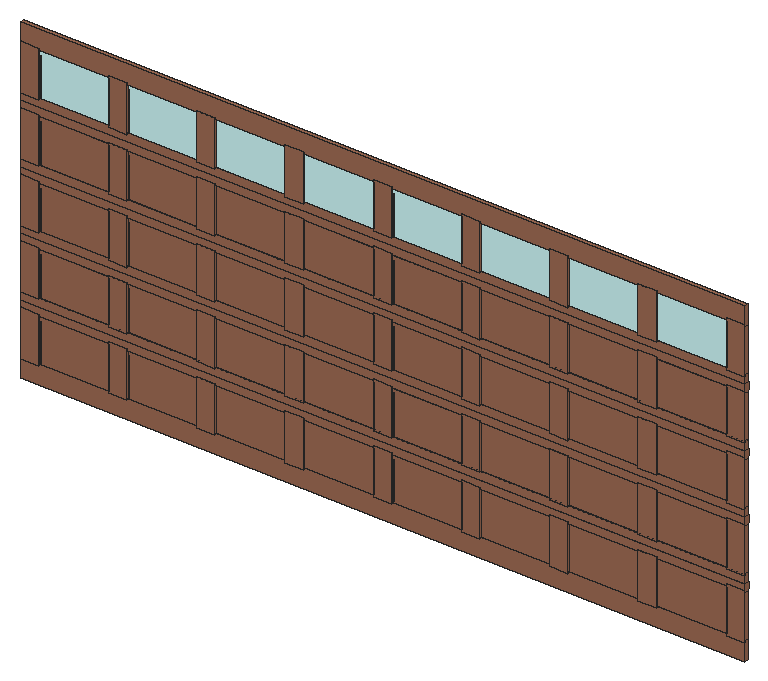
Revit family "GDBL E 40P GT", category Doors, host Wall, Revit 2013
Parameters
  Function = Interior
  Frame Projection Ext. = 25 mm
  Frame Projection Int. = 25 mm
  Frame Width = 75 mm
  Height = 2135 mm
  Wall Closure = By host
  Width = 4880 mm
Reference planes
  plane 1: y = 0
  plane 2 "Center (Left/Right)": x = 0
  plane 3 "Left": x = -2440
  plane 4 "Right": x = 2440
  plane 5: z = 2135
  plane 6 "Exterior": y = 75
  plane 7 "Interior": y = -75
  plane 8 "Garage Bottom": y = 75
  plane 9 "Garage Left": x = 2470
  plane 10 "Garage Right": x = -2470
  plane 11 "Garage Top": z = 2170
  plane 12: z = 476
  plane 13: z = 882
  plane 14: z = 1288
  plane 15: z = 1694
Forms (mm)
  Sweep 1, solid, material "Garage Wood"
    path origin (2744.172, 120, 1694) x (1, 0, 0) y (0, 1, 0)
      loop
        line (-5214.172, -225) -> (-274.172, -225)
    profile "Van Acht 55.5x30 Garage Rail : Van Acht 55.5x30 Garage Rail" origin (0, -105, 1694) x (0, 1, 0) y (0, 0, 1)
      loop
        line (0, 0.046) -> (30, 0.046) -> (30, 46.546) -> (28, 46.546)
        arc (28, 46.546) -> (25.296, 51.527) -> (20, 53.546) r 8.162
        line (20, 53.546) -> (20, 55.546) -> (0, 55.546) -> (0, 0.046)
  Extrusion 2, solid, material "Garage Wood"
    sketch origin (0, 0, 0) x (0, -1, 0) y (0, 0, -1)
      loop
        line (105, -2045) -> (85, -2045) -> (85, -2047)
        arc (85, -2047) -> (79.704, -2049.019) -> (77, -2054) r 8.162
        line (77, -2054) -> (75, -2054) -> (75, -2170) -> (105, -2170) -> (105, -2045)
    from -2470 to 2470
  Sweep 3, solid, material "Garage Wood"
    path origin (2744.172, 120, 1287.954) x (1, 0, 0) y (0, 1, 0)
      loop
        line (-5214.172, -225) -> (-274.172, -225)
    profile "Van Acht 55.5x30 Garage Rail : Van Acht 55.5x30 Garage Rail" origin (0, -105, 1287.954) x (0, 1, 0) y (0, 0, 1)
      loop
        line (0, 0.046) -> (30, 0.046) -> (30, 46.546) -> (28, 46.546)
        arc (28, 46.546) -> (25.296, 51.527) -> (20, 53.546) r 8.162
        line (20, 53.546) -> (20, 55.546) -> (0, 55.546) -> (0, 0.046)
  Extrusion 4, solid, material "Garage Wood"
    sketch origin (0, 0, 0) x (0, -1, 0) y (0, 0, -1)
      loop
        line (105, -1694.046) -> (105, -1638.546) -> (85, -1638.546) -> (85, -1640.546)
        arc (85, -1640.546) -> (79.704, -1642.565) -> (77, -1647.546) r 8.162
        line (77, -1647.546) -> (75, -1647.546) -> (75, -1694.046) -> (105, -1694.046)
    from -2470 to 2470
  Sweep 5, solid, material "Garage Wood"
    path origin (2744.172, 120, 881.954) x (1, 0, 0) y (0, 1, 0)
      loop
        line (-5214.172, -225) -> (-274.172, -225)
    profile "Van Acht 55.5x30 Garage Rail : Van Acht 55.5x30 Garage Rail" origin (0, -105, 881.954) x (0, 1, 0) y (0, 0, 1)
      loop
        line (0, 0.046) -> (30, 0.046) -> (30, 46.546) -> (28, 46.546)
        arc (28, 46.546) -> (25.296, 51.527) -> (20, 53.546) r 8.162
        line (20, 53.546) -> (20, 55.546) -> (0, 55.546) -> (0, 0.046)
  Extrusion 6, solid, material "Garage Wood"
    sketch origin (0, 0, -406) x (0, -1, 0) y (0, 0, -1)
      loop
        line (105, -1694.046) -> (105, -1638.546) -> (85, -1638.546) -> (85, -1640.546)
        arc (85, -1640.546) -> (79.704, -1642.565) -> (77, -1647.546) r 8.162
        line (77, -1647.546) -> (75, -1647.546) -> (75, -1694.046) -> (105, -1694.046)
    from -2470 to 2470
  Sweep 7, solid, material "Garage Wood"
    path origin (2744.172, 120, 475.954) x (1, 0, 0) y (0, 1, 0)
      loop
        line (-5214.172, -225) -> (-274.172, -225)
    profile "Van Acht 55.5x30 Garage Rail : Van Acht 55.5x30 Garage Rail" origin (0, -105, 475.954) x (0, 1, 0) y (0, 0, 1)
      loop
        line (0, 0.046) -> (30, 0.046) -> (30, 46.546) -> (28, 46.546)
        arc (28, 46.546) -> (25.296, 51.527) -> (20, 53.546) r 8.162
        line (20, 53.546) -> (20, 55.546) -> (0, 55.546) -> (0, 0.046)
  Extrusion 8, solid, material "Garage Wood"
    sketch origin (0, 0, -812) x (0, -1, 0) y (0, 0, -1)
      loop
        line (105, -1694.046) -> (105, -1638.546) -> (85, -1638.546) -> (85, -1640.546)
        arc (85, -1640.546) -> (79.704, -1642.565) -> (77, -1647.546) r 8.162
        line (77, -1647.546) -> (75, -1647.546) -> (75, -1694.046) -> (105, -1694.046)
    from -2470 to 2470
  Extrusion 9, solid, material "Garage Wood"
    sketch origin (0, 0, -1218) x (0, -1, 0) y (0, 0, -1)
      loop
        line (105, -1694.046) -> (105, -1638.546) -> (85, -1638.546) -> (85, -1640.546)
        arc (85, -1640.546) -> (79.704, -1642.565) -> (77, -1647.546) r 8.162
        line (77, -1647.546) -> (75, -1647.546) -> (75, -1694.046) -> (105, -1694.046)
    from -2470 to 2470
  Extrusion 10, solid, material "Garage Wood"
    sketch origin (2744.172, 300, 1288) x (0, -1, 0) y (-1, 0, 0)
      loop
        line (385, 5091.172) -> (385, 5089.172) -> (405, 5089.172) -> (405, 5214.172) -> (375, 5214.172) -> (375, 5098.172) -> (377, 5098.172)
        arc (377, 5098.172) -> (379.704, 5093.191) -> (385, 5091.172) r 8.162
      loop
        arc (385, 397.172) -> (379.704, 395.153) -> (377, 390.172) r 8.162
        line (377, 390.172) -> (375, 390.172) -> (375, 274.172) -> (405, 274.172) -> (405, 399.172) -> (385, 399.172) -> (385, 397.172)
      loop
        line (385, 3887.372) -> (385, 3885.372) -> (405, 3885.372) -> (405, 4010.372) -> (385, 4010.372) -> (385, 4008.372)
        arc (385, 4008.372) -> (379.704, 4006.353) -> (377, 4001.372) r 8.162
        line (377, 4001.372) -> (375, 4001.372) -> (375, 3894.372) -> (377, 3894.372)
        arc (377, 3894.372) -> (379.704, 3889.391) -> (385, 3887.372) r 8.162
      loop
        line (385, 2683.672) -> (385, 2681.672) -> (405, 2681.672) -> (405, 2806.672) -> (385, 2806.672) -> (385, 2804.672)
        arc (385, 2804.672) -> (379.704, 2802.653) -> (377, 2797.672) r 8.162
        line (377, 2797.672) -> (375, 2797.672) -> (375, 2690.672) -> (377, 2690.672)
        arc (377, 2690.672) -> (379.704, 2685.691) -> (385, 2683.672) r 8.162
      loop
        arc (385, 1600.972) -> (379.704, 1598.953) -> (377, 1593.972) r 8.162
        line (377, 1593.972) -> (375, 1593.972) -> (375, 1486.972) -> (377, 1486.972)
        arc (377, 1486.972) -> (379.704, 1481.991) -> (385, 1479.972) r 8.162
        line (385, 1479.972) -> (385, 1477.972) -> (405, 1477.972) -> (405, 1602.972) -> (385, 1602.972) -> (385, 1600.972)
      loop
        line (385, 4489.172) -> (385, 4487.172) -> (405, 4487.172) -> (405, 4612.172) -> (385, 4612.172) -> (385, 4610.172)
        arc (385, 4610.172) -> (379.704, 4608.153) -> (377, 4603.172) r 8.162
        line (377, 4603.172) -> (375, 4603.172) -> (375, 4496.172) -> (377, 4496.172)
        arc (377, 4496.172) -> (379.704, 4491.191) -> (385, 4489.172) r 8.162
      loop
        line (385, 3285.372) -> (385, 3283.372) -> (405, 3283.372) -> (405, 3408.372) -> (385, 3408.372) -> (385, 3406.372)
        arc (385, 3406.372) -> (379.704, 3404.353) -> (377, 3399.372) r 8.162
        line (377, 3399.372) -> (375, 3399.372) -> (375, 3292.372) -> (377, 3292.372)
        arc (377, 3292.372) -> (379.704, 3287.391) -> (385, 3285.372) r 8.162
      loop
        line (385, 2081.672) -> (385, 2079.672) -> (405, 2079.672) -> (405, 2204.672) -> (385, 2204.672) -> (385, 2202.672)
        arc (385, 2202.672) -> (379.704, 2200.653) -> (377, 2195.672) r 8.162
        line (377, 2195.672) -> (375, 2195.672) -> (375, 2088.672) -> (377, 2088.672)
        arc (377, 2088.672) -> (379.704, 2083.691) -> (385, 2081.672) r 8.162
      loop
        line (385, 877.972) -> (385, 875.972) -> (405, 875.972) -> (405, 1000.972) -> (385, 1000.972) -> (385, 998.972)
        arc (385, 998.972) -> (379.704, 996.953) -> (377, 991.972) r 8.162
        line (377, 991.972) -> (375, 991.972) -> (375, 884.972) -> (377, 884.972)
        arc (377, 884.972) -> (379.704, 879.991) -> (385, 877.972) r 8.162
    from 46.546 to 360
  Extrusion 11, solid, material "Garage Wood"
    sketch origin (6355.372, -275, 476) x (0, -1, 0) y (-1, 0, 0)
      loop
        line (-175, 4487.172) -> (-185, 4487.172) -> (-185, 4010.372) -> (-175, 4010.372) -> (-175, 4487.172)
      loop
        line (-175, 5089.172) -> (-185, 5089.172) -> (-185, 4612.172) -> (-175, 4612.172) -> (-175, 5089.172)
      loop
        line (-175, 5690.872) -> (-185, 5690.872) -> (-185, 5214.072) -> (-175, 5214.072) -> (-175, 5690.872)
      loop
        line (-175, 6292.872) -> (-185, 6292.872) -> (-185, 5815.872) -> (-175, 5815.872) -> (-175, 6292.872)
      loop
        line (-175, 6894.572) -> (-185, 6894.572) -> (-185, 6417.772) -> (-175, 6417.772) -> (-175, 6894.572)
      loop
        line (-175, 7496.572) -> (-185, 7496.572) -> (-185, 7019.572) -> (-175, 7019.572) -> (-175, 7496.572)
      loop
        line (-175, 8098.372) -> (-185, 8098.372) -> (-185, 7621.572) -> (-175, 7621.572) -> (-175, 8098.372)
      loop
        line (-175, 8700.372) -> (-185, 8700.372) -> (-185, 8223.372) -> (-175, 8223.372) -> (-175, 8700.372)
    from 55.454 to 351.546
  Extrusion 12, solid, material "Garage Wood"
    sketch origin (0, 0, 2169.454) x (0, -1, 0) y (0, 0, -1)
      loop
        line (105, 2045) -> (105, 2169.454) -> (75, 2169.454) -> (75, 2053.454) -> (77.097, 2053.454)
        arc (77.097, 2053.454) -> (79.86, 2048.739) -> (84.988, 2046.852) r 8.098
        line (84.988, 2046.852) -> (84.988, 2045) -> (105, 2045)
    from -2470 to 2470
  Extrusion 13, solid, material "Garage Wood"
    sketch origin (2744.172, 300, 1694) x (0, -1, 0) y (-1, 0, 0)
      loop
        line (385, 5091.172) -> (385, 5089.172) -> (405, 5089.172) -> (405, 5214.172) -> (375, 5214.172) -> (375, 5098.172) -> (377, 5098.172)
        arc (377, 5098.172) -> (379.704, 5093.191) -> (385, 5091.172) r 8.162
      loop
        arc (385, 397.172) -> (379.704, 395.153) -> (377, 390.172) r 8.162
        line (377, 390.172) -> (375, 390.172) -> (375, 274.172) -> (405, 274.172) -> (405, 399.172) -> (385, 399.172) -> (385, 397.172)
      loop
        line (385, 3887.372) -> (385, 3885.372) -> (405, 3885.372) -> (405, 4010.372) -> (385, 4010.372) -> (385, 4008.372)
        arc (385, 4008.372) -> (379.704, 4006.353) -> (377, 4001.372) r 8.162
        line (377, 4001.372) -> (375, 4001.372) -> (375, 3894.372) -> (377, 3894.372)
        arc (377, 3894.372) -> (379.704, 3889.391) -> (385, 3887.372) r 8.162
      loop
        line (385, 2683.672) -> (385, 2681.672) -> (405, 2681.672) -> (405, 2806.672) -> (385, 2806.672) -> (385, 2804.672)
        arc (385, 2804.672) -> (379.704, 2802.653) -> (377, 2797.672) r 8.162
        line (377, 2797.672) -> (375, 2797.672) -> (375, 2690.672) -> (377, 2690.672)
        arc (377, 2690.672) -> (379.704, 2685.691) -> (385, 2683.672) r 8.162
      loop
        arc (385, 1600.972) -> (379.704, 1598.953) -> (377, 1593.972) r 8.162
        line (377, 1593.972) -> (375, 1593.972) -> (375, 1486.972) -> (377, 1486.972)
        arc (377, 1486.972) -> (379.704, 1481.991) -> (385, 1479.972) r 8.162
        line (385, 1479.972) -> (385, 1477.972) -> (405, 1477.972) -> (405, 1602.972) -> (385, 1602.972) -> (385, 1600.972)
      loop
        line (385, 4489.172) -> (385, 4487.172) -> (405, 4487.172) -> (405, 4612.172) -> (385, 4612.172) -> (385, 4610.172)
        arc (385, 4610.172) -> (379.704, 4608.153) -> (377, 4603.172) r 8.162
        line (377, 4603.172) -> (375, 4603.172) -> (375, 4496.172) -> (377, 4496.172)
        arc (377, 4496.172) -> (379.704, 4491.191) -> (385, 4489.172) r 8.162
      loop
        line (385, 3285.372) -> (385, 3283.372) -> (405, 3283.372) -> (405, 3408.372) -> (385, 3408.372) -> (385, 3406.372)
        arc (385, 3406.372) -> (379.704, 3404.353) -> (377, 3399.372) r 8.162
        line (377, 3399.372) -> (375, 3399.372) -> (375, 3292.372) -> (377, 3292.372)
        arc (377, 3292.372) -> (379.704, 3287.391) -> (385, 3285.372) r 8.162
      loop
        line (385, 2081.672) -> (385, 2079.672) -> (405, 2079.672) -> (405, 2204.672) -> (385, 2204.672) -> (385, 2202.672)
        arc (385, 2202.672) -> (379.704, 2200.653) -> (377, 2195.672) r 8.162
        line (377, 2195.672) -> (375, 2195.672) -> (375, 2088.672) -> (377, 2088.672)
        arc (377, 2088.672) -> (379.704, 2083.691) -> (385, 2081.672) r 8.162
      loop
        line (385, 877.972) -> (385, 875.972) -> (405, 875.972) -> (405, 1000.972) -> (385, 1000.972) -> (385, 998.972)
        arc (385, 998.972) -> (379.704, 996.953) -> (377, 991.972) r 8.162
        line (377, 991.972) -> (375, 991.972) -> (375, 884.972) -> (377, 884.972)
        arc (377, 884.972) -> (379.704, 879.991) -> (385, 877.972) r 8.162
    from 46.546 to 360
  Extrusion 14, solid, material "Garage Wood"
    sketch origin (2744.172, 300, 2100.454) x (0, -1, 0) y (-1, 0, 0)
      loop
        line (385, 5091.172) -> (385, 5089.172) -> (405, 5089.172) -> (405, 5214.172) -> (375, 5214.172) -> (375, 5098.172) -> (377, 5098.172)
        arc (377, 5098.172) -> (379.704, 5093.191) -> (385, 5091.172) r 8.162
      loop
        arc (385, 397.172) -> (379.704, 395.153) -> (377, 390.172) r 8.162
        line (377, 390.172) -> (375, 390.172) -> (375, 274.172) -> (405, 274.172) -> (405, 399.172) -> (385, 399.172) -> (385, 397.172)
      loop
        line (385, 3887.372) -> (385, 3885.372) -> (405, 3885.372) -> (405, 4010.372) -> (385, 4010.372) -> (385, 4008.372)
        arc (385, 4008.372) -> (379.704, 4006.353) -> (377, 4001.372) r 8.162
        line (377, 4001.372) -> (375, 4001.372) -> (375, 3894.372) -> (377, 3894.372)
        arc (377, 3894.372) -> (379.704, 3889.391) -> (385, 3887.372) r 8.162
      loop
        line (385, 2683.672) -> (385, 2681.672) -> (405, 2681.672) -> (405, 2806.672) -> (385, 2806.672) -> (385, 2804.672)
        arc (385, 2804.672) -> (379.704, 2802.653) -> (377, 2797.672) r 8.162
        line (377, 2797.672) -> (375, 2797.672) -> (375, 2690.672) -> (377, 2690.672)
        arc (377, 2690.672) -> (379.704, 2685.691) -> (385, 2683.672) r 8.162
      loop
        arc (385, 1600.972) -> (379.704, 1598.953) -> (377, 1593.972) r 8.162
        line (377, 1593.972) -> (375, 1593.972) -> (375, 1486.972) -> (377, 1486.972)
        arc (377, 1486.972) -> (379.704, 1481.991) -> (385, 1479.972) r 8.162
        line (385, 1479.972) -> (385, 1477.972) -> (405, 1477.972) -> (405, 1602.972) -> (385, 1602.972) -> (385, 1600.972)
      loop
        line (385, 4489.172) -> (385, 4487.172) -> (405, 4487.172) -> (405, 4612.172) -> (385, 4612.172) -> (385, 4610.172)
        arc (385, 4610.172) -> (379.704, 4608.153) -> (377, 4603.172) r 8.162
        line (377, 4603.172) -> (375, 4603.172) -> (375, 4496.172) -> (377, 4496.172)
        arc (377, 4496.172) -> (379.704, 4491.191) -> (385, 4489.172) r 8.162
      loop
        line (385, 3285.372) -> (385, 3283.372) -> (405, 3283.372) -> (405, 3408.372) -> (385, 3408.372) -> (385, 3406.372)
        arc (385, 3406.372) -> (379.704, 3404.353) -> (377, 3399.372) r 8.162
        line (377, 3399.372) -> (375, 3399.372) -> (375, 3292.372) -> (377, 3292.372)
        arc (377, 3292.372) -> (379.704, 3287.391) -> (385, 3285.372) r 8.162
      loop
        line (385, 2081.672) -> (385, 2079.672) -> (405, 2079.672) -> (405, 2204.672) -> (385, 2204.672) -> (385, 2202.672)
        arc (385, 2202.672) -> (379.704, 2200.653) -> (377, 2195.672) r 8.162
        line (377, 2195.672) -> (375, 2195.672) -> (375, 2088.672) -> (377, 2088.672)
        arc (377, 2088.672) -> (379.704, 2083.691) -> (385, 2081.672) r 8.162
      loop
        line (385, 877.972) -> (385, 875.972) -> (405, 875.972) -> (405, 1000.972) -> (385, 1000.972) -> (385, 998.972)
        arc (385, 998.972) -> (379.704, 996.953) -> (377, 991.972) r 8.162
        line (377, 991.972) -> (375, 991.972) -> (375, 884.972) -> (377, 884.972)
        arc (377, 884.972) -> (379.704, 879.991) -> (385, 877.972) r 8.162
    from 46.454 to 359.909
  Extrusion 15, solid, material "Garage Wood"
    sketch origin (2744.172, 300, 882) x (0, -1, 0) y (-1, 0, 0)
      loop
        line (385, 5091.172) -> (385, 5089.172) -> (405, 5089.172) -> (405, 5214.172) -> (375, 5214.172) -> (375, 5098.172) -> (377, 5098.172)
        arc (377, 5098.172) -> (379.704, 5093.191) -> (385, 5091.172) r 8.162
      loop
        arc (385, 397.172) -> (379.704, 395.153) -> (377, 390.172) r 8.162
        line (377, 390.172) -> (375, 390.172) -> (375, 274.172) -> (405, 274.172) -> (405, 399.172) -> (385, 399.172) -> (385, 397.172)
      loop
        line (385, 3887.372) -> (385, 3885.372) -> (405, 3885.372) -> (405, 4010.372) -> (385, 4010.372) -> (385, 4008.372)
        arc (385, 4008.372) -> (379.704, 4006.353) -> (377, 4001.372) r 8.162
        line (377, 4001.372) -> (375, 4001.372) -> (375, 3894.372) -> (377, 3894.372)
        arc (377, 3894.372) -> (379.704, 3889.391) -> (385, 3887.372) r 8.162
      loop
        line (385, 2683.672) -> (385, 2681.672) -> (405, 2681.672) -> (405, 2806.672) -> (385, 2806.672) -> (385, 2804.672)
        arc (385, 2804.672) -> (379.704, 2802.653) -> (377, 2797.672) r 8.162
        line (377, 2797.672) -> (375, 2797.672) -> (375, 2690.672) -> (377, 2690.672)
        arc (377, 2690.672) -> (379.704, 2685.691) -> (385, 2683.672) r 8.162
      loop
        arc (385, 1600.972) -> (379.704, 1598.953) -> (377, 1593.972) r 8.162
        line (377, 1593.972) -> (375, 1593.972) -> (375, 1486.972) -> (377, 1486.972)
        arc (377, 1486.972) -> (379.704, 1481.991) -> (385, 1479.972) r 8.162
        line (385, 1479.972) -> (385, 1477.972) -> (405, 1477.972) -> (405, 1602.972) -> (385, 1602.972) -> (385, 1600.972)
      loop
        line (385, 4489.172) -> (385, 4487.172) -> (405, 4487.172) -> (405, 4612.172) -> (385, 4612.172) -> (385, 4610.172)
        arc (385, 4610.172) -> (379.704, 4608.153) -> (377, 4603.172) r 8.162
        line (377, 4603.172) -> (375, 4603.172) -> (375, 4496.172) -> (377, 4496.172)
        arc (377, 4496.172) -> (379.704, 4491.191) -> (385, 4489.172) r 8.162
      loop
        line (385, 3285.372) -> (385, 3283.372) -> (405, 3283.372) -> (405, 3408.372) -> (385, 3408.372) -> (385, 3406.372)
        arc (385, 3406.372) -> (379.704, 3404.353) -> (377, 3399.372) r 8.162
        line (377, 3399.372) -> (375, 3399.372) -> (375, 3292.372) -> (377, 3292.372)
        arc (377, 3292.372) -> (379.704, 3287.391) -> (385, 3285.372) r 8.162
      loop
        line (385, 2081.672) -> (385, 2079.672) -> (405, 2079.672) -> (405, 2204.672) -> (385, 2204.672) -> (385, 2202.672)
        arc (385, 2202.672) -> (379.704, 2200.653) -> (377, 2195.672) r 8.162
        line (377, 2195.672) -> (375, 2195.672) -> (375, 2088.672) -> (377, 2088.672)
        arc (377, 2088.672) -> (379.704, 2083.691) -> (385, 2081.672) r 8.162
      loop
        line (385, 877.972) -> (385, 875.972) -> (405, 875.972) -> (405, 1000.972) -> (385, 1000.972) -> (385, 998.972)
        arc (385, 998.972) -> (379.704, 996.953) -> (377, 991.972) r 8.162
        line (377, 991.972) -> (375, 991.972) -> (375, 884.972) -> (377, 884.972)
        arc (377, 884.972) -> (379.704, 879.991) -> (385, 877.972) r 8.162
    from 46.546 to 360
  Extrusion 16, solid, material "Garage Wood"
    sketch origin (2744.172, 300, 475.909) x (0, -1, 0) y (-1, 0, 0)
      loop
        line (385, 5091.172) -> (385, 5089.172) -> (405, 5089.172) -> (405, 5214.172) -> (375, 5214.172) -> (375, 5098.172) -> (377, 5098.172)
        arc (377, 5098.172) -> (379.704, 5093.191) -> (385, 5091.172) r 8.162
      loop
        arc (385, 397.172) -> (379.704, 395.153) -> (377, 390.172) r 8.162
        line (377, 390.172) -> (375, 390.172) -> (375, 274.172) -> (405, 274.172) -> (405, 399.172) -> (385, 399.172) -> (385, 397.172)
      loop
        line (385, 3887.372) -> (385, 3885.372) -> (405, 3885.372) -> (405, 4010.372) -> (385, 4010.372) -> (385, 4008.372)
        arc (385, 4008.372) -> (379.704, 4006.353) -> (377, 4001.372) r 8.162
        line (377, 4001.372) -> (375, 4001.372) -> (375, 3894.372) -> (377, 3894.372)
        arc (377, 3894.372) -> (379.704, 3889.391) -> (385, 3887.372) r 8.162
      loop
        line (385, 2683.672) -> (385, 2681.672) -> (405, 2681.672) -> (405, 2806.672) -> (385, 2806.672) -> (385, 2804.672)
        arc (385, 2804.672) -> (379.704, 2802.653) -> (377, 2797.672) r 8.162
        line (377, 2797.672) -> (375, 2797.672) -> (375, 2690.672) -> (377, 2690.672)
        arc (377, 2690.672) -> (379.704, 2685.691) -> (385, 2683.672) r 8.162
      loop
        arc (385, 1600.972) -> (379.704, 1598.953) -> (377, 1593.972) r 8.162
        line (377, 1593.972) -> (375, 1593.972) -> (375, 1486.972) -> (377, 1486.972)
        arc (377, 1486.972) -> (379.704, 1481.991) -> (385, 1479.972) r 8.162
        line (385, 1479.972) -> (385, 1477.972) -> (405, 1477.972) -> (405, 1602.972) -> (385, 1602.972) -> (385, 1600.972)
      loop
        line (385, 4489.172) -> (385, 4487.172) -> (405, 4487.172) -> (405, 4612.172) -> (385, 4612.172) -> (385, 4610.172)
        arc (385, 4610.172) -> (379.704, 4608.153) -> (377, 4603.172) r 8.162
        line (377, 4603.172) -> (375, 4603.172) -> (375, 4496.172) -> (377, 4496.172)
        arc (377, 4496.172) -> (379.704, 4491.191) -> (385, 4489.172) r 8.162
      loop
        line (385, 3285.372) -> (385, 3283.372) -> (405, 3283.372) -> (405, 3408.372) -> (385, 3408.372) -> (385, 3406.372)
        arc (385, 3406.372) -> (379.704, 3404.353) -> (377, 3399.372) r 8.162
        line (377, 3399.372) -> (375, 3399.372) -> (375, 3292.372) -> (377, 3292.372)
        arc (377, 3292.372) -> (379.704, 3287.391) -> (385, 3285.372) r 8.162
      loop
        line (385, 2081.672) -> (385, 2079.672) -> (405, 2079.672) -> (405, 2204.672) -> (385, 2204.672) -> (385, 2202.672)
        arc (385, 2202.672) -> (379.704, 2200.653) -> (377, 2195.672) r 8.162
        line (377, 2195.672) -> (375, 2195.672) -> (375, 2088.672) -> (377, 2088.672)
        arc (377, 2088.672) -> (379.704, 2083.691) -> (385, 2081.672) r 8.162
      loop
        line (385, 877.972) -> (385, 875.972) -> (405, 875.972) -> (405, 1000.972) -> (385, 1000.972) -> (385, 998.972)
        arc (385, 998.972) -> (379.704, 996.953) -> (377, 991.972) r 8.162
        line (377, 991.972) -> (375, 991.972) -> (375, 884.972) -> (377, 884.972)
        arc (377, 884.972) -> (379.704, 879.991) -> (385, 877.972) r 8.162
    from 46.454 to 359.909
  Extrusion 17, solid, material "Garage Wood"
    sketch origin (6355.372, -275, 882) x (0, -1, 0) y (-1, 0, 0)
      loop
        line (-175, 4487.172) -> (-185, 4487.172) -> (-185, 4010.372) -> (-175, 4010.372) -> (-175, 4487.172)
      loop
        line (-175, 5089.172) -> (-185, 5089.172) -> (-185, 4612.172) -> (-175, 4612.172) -> (-175, 5089.172)
      loop
        line (-175, 5690.872) -> (-185, 5690.872) -> (-185, 5214.072) -> (-175, 5214.072) -> (-175, 5690.872)
      loop
        line (-175, 6292.872) -> (-185, 6292.872) -> (-185, 5815.872) -> (-175, 5815.872) -> (-175, 6292.872)
      loop
        line (-175, 6894.572) -> (-185, 6894.572) -> (-185, 6417.772) -> (-175, 6417.772) -> (-175, 6894.572)
      loop
        line (-175, 7496.572) -> (-185, 7496.572) -> (-185, 7019.572) -> (-175, 7019.572) -> (-175, 7496.572)
      loop
        line (-175, 8098.372) -> (-185, 8098.372) -> (-185, 7621.572) -> (-175, 7621.572) -> (-175, 8098.372)
      loop
        line (-175, 8700.372) -> (-185, 8700.372) -> (-185, 8223.372) -> (-175, 8223.372) -> (-175, 8700.372)
    from 55.454 to 351.546
  Extrusion 18, solid, material "Garage Wood"
    sketch origin (6355.372, -275, 1288) x (0, -1, 0) y (-1, 0, 0)
      loop
        line (-175, 4487.172) -> (-185, 4487.172) -> (-185, 4010.372) -> (-175, 4010.372) -> (-175, 4487.172)
      loop
        line (-175, 5089.172) -> (-185, 5089.172) -> (-185, 4612.172) -> (-175, 4612.172) -> (-175, 5089.172)
      loop
        line (-175, 5690.872) -> (-185, 5690.872) -> (-185, 5214.072) -> (-175, 5214.072) -> (-175, 5690.872)
      loop
        line (-175, 6292.872) -> (-185, 6292.872) -> (-185, 5815.872) -> (-175, 5815.872) -> (-175, 6292.872)
      loop
        line (-175, 6894.572) -> (-185, 6894.572) -> (-185, 6417.772) -> (-175, 6417.772) -> (-175, 6894.572)
      loop
        line (-175, 7496.572) -> (-185, 7496.572) -> (-185, 7019.572) -> (-175, 7019.572) -> (-175, 7496.572)
      loop
        line (-175, 8098.372) -> (-185, 8098.372) -> (-185, 7621.572) -> (-175, 7621.572) -> (-175, 8098.372)
      loop
        line (-175, 8700.372) -> (-185, 8700.372) -> (-185, 8223.372) -> (-175, 8223.372) -> (-175, 8700.372)
    from 55.454 to 351.546
  Extrusion 19, solid, material "Garage Wood"
    sketch origin (6355.372, -275, 1694) x (0, -1, 0) y (-1, 0, 0)
      loop
        line (-175, 4487.172) -> (-185, 4487.172) -> (-185, 4010.372) -> (-175, 4010.372) -> (-175, 4487.172)
      loop
        line (-175, 5089.172) -> (-185, 5089.172) -> (-185, 4612.172) -> (-175, 4612.172) -> (-175, 5089.172)
      loop
        line (-175, 5690.872) -> (-185, 5690.872) -> (-185, 5214.072) -> (-175, 5214.072) -> (-175, 5690.872)
      loop
        line (-175, 6292.872) -> (-185, 6292.872) -> (-185, 5815.872) -> (-175, 5815.872) -> (-175, 6292.872)
      loop
        line (-175, 6894.572) -> (-185, 6894.572) -> (-185, 6417.772) -> (-175, 6417.772) -> (-175, 6894.572)
      loop
        line (-175, 7496.572) -> (-185, 7496.572) -> (-185, 7019.572) -> (-175, 7019.572) -> (-175, 7496.572)
      loop
        line (-175, 8098.372) -> (-185, 8098.372) -> (-185, 7621.572) -> (-175, 7621.572) -> (-175, 8098.372)
      loop
        line (-175, 8700.372) -> (-185, 8700.372) -> (-185, 8223.372) -> (-175, 8223.372) -> (-175, 8700.372)
    from 55.454 to 351.546
  Extrusion 20, solid, material "Garage Glass"
    sketch origin (6355.372, -275, 2100.454) x (0, -1, 0) y (-1, 0, 0)
      loop
        line (-175, 4487.172) -> (-185, 4487.172) -> (-185, 4010.372) -> (-175, 4010.372) -> (-175, 4487.172)
      loop
        line (-175, 5089.172) -> (-185, 5089.172) -> (-185, 4612.172) -> (-175, 4612.172) -> (-175, 5089.172)
      loop
        line (-175, 5690.872) -> (-185, 5690.872) -> (-185, 5214.072) -> (-175, 5214.072) -> (-175, 5690.872)
      loop
        line (-175, 6292.872) -> (-185, 6292.872) -> (-185, 5815.872) -> (-175, 5815.872) -> (-175, 6292.872)
      loop
        line (-175, 6894.572) -> (-185, 6894.572) -> (-185, 6417.772) -> (-175, 6417.772) -> (-175, 6894.572)
      loop
        line (-175, 7496.572) -> (-185, 7496.572) -> (-185, 7019.572) -> (-175, 7019.572) -> (-175, 7496.572)
      loop
        line (-175, 8098.372) -> (-185, 8098.372) -> (-185, 7621.572) -> (-175, 7621.572) -> (-175, 8098.372)
      loop
        line (-175, 8700.372) -> (-185, 8700.372) -> (-185, 8223.372) -> (-175, 8223.372) -> (-175, 8700.372)
    from 55.454 to 351.546
Lines and regions (mm)
  Opening 1
    outline origin (-3050, -75, 0) x (1, 0, 0) y (0, 0, 1)
      loop
        line (610, 0) -> (5490, 0) -> (5490, 2135) -> (610, 2135) -> (610, 0)
  symbolic lines, style "Elevation Swing"
    curve 1: line (-2470, -105, 1694) -> (-2470, -2275, 1694)
    curve 2: line (-2470, -2275, 1694) -> (2470, -2275, 1694)
    curve 3: line (2470, -2275, 1694) -> (2470, -105, 1694)
Text (mm)
  text "Exterior" at (-2295.016, 1099.543, 0), in view "Ref. Level"
  text "Exterior" at (0, 1615.38, 3698.081), in view "Left"
  text "Exterior" at (0, 1036.032, 3874.932), in view "Right"
Dimensions and locks
  equal spacing: plane 3 "Left", plane 2 "Center (Left/Right)", plane 4 "Right"
  "Width": plane 3 "Left" to plane 4 "Right"
  "Height": plane 5 to host wall
  host wall to plane 5 = 2135 mm
  host wall to plane 11 "Garage Top" = 2170 mm
  locked: plane 6 "Exterior" to host wall at 0
  locked: plane 7 "Interior" to host wall
  plane 3 "Left" to plane 4 "Right" = 4880 mm
  plane 10 "Garage Right" to plane 9 "Garage Left" = 4940 mm
  plane 11 "Garage Top" to plane 15 to plane 14 to plane 13 to plane 12 to level = 476 mm, 406 mm, 406 mm, 406 mm, 476 mm
  aligned and locked: plane 3 "Left" to Opening 1 sketch curve
  aligned and locked: plane 5 to Opening 1 sketch curve  (x2)
  aligned and locked: Opening 1 sketch curve to plane 4 "Right"
  aligned and locked: Opening 1 sketch curve to level
  aligned and locked: host wall to plane 1
  aligned and locked: Extrusion 11 to Extrusion 12
  aligned and locked: Extrusion 14 to Sweep 1
  aligned and locked: Extrusion 14 to Extrusion 2
  aligned and locked: Extrusion 11 to Extrusion 16
  aligned and locked: Extrusion 15 to Extrusion 11
  aligned and locked: Extrusion 11 to Extrusion 9
  aligned and locked: Extrusion 11 sketch curve to Extrusion 10  (x2)
Automatic sketch dimensions
  Sweep 1 sketch curve to plane 10 "Garage Right" = 0 mm
  Sweep 1 sketch curve to plane 9 "Garage Left" = 0 mm
  plane 7 "Interior" to Sweep 1 sketch curve = 30 mm
  Extrusion 2 sketch curve to host wall = 0 mm
  plane 11 "Garage Top" to Extrusion 2 sketch curve = 0 mm
  Extrusion 2 sketch curve to host wall = 10 mm
  Extrusion 2 sketch curve to plane 5 = 90 mm
  Extrusion 2 sketch curve to Extrusion 2 sketch curve = 2 mm  (x2)
  Extrusion 2 sketch curve to Extrusion 2 sketch curve = 20 mm
  Extrusion 2 sketch curve to Extrusion 2 sketch curve = 8.079 mm
  Extrusion 2 sketch curve to Extrusion 2 sketch curve = 7 mm
  Sweep 3 sketch curve to plane 10 "Garage Right" = 0 mm
  Sweep 3 sketch curve to plane 9 "Garage Left" = 0 mm
  plane 7 "Interior" to Sweep 3 sketch curve = 30 mm
  Extrusion 4 sketch curve to host wall = 0 mm
  Extrusion 4 sketch curve to host wall = 10 mm
  plane 15 to Extrusion 4 sketch curve = 55.454 mm
  Extrusion 4 sketch curve to host wall = 2 mm
  Extrusion 4 sketch curve to plane 15 = 0.046 mm
  Extrusion 4 sketch curve to host wall = 30 mm
  Extrusion 4 sketch curve to Extrusion 4 sketch curve = 0.079 mm
  Extrusion 4 sketch curve to Extrusion 4 sketch curve = 2 mm
  Extrusion 4 sketch curve to Extrusion 4 sketch curve = 7 mm
  Sweep 5 sketch curve to plane 10 "Garage Right" = 0 mm
  Sweep 5 sketch curve to plane 9 "Garage Left" = 0 mm
  plane 7 "Interior" to Sweep 5 sketch curve = 30 mm
  Extrusion 6 sketch curve to host wall = 0 mm
  Extrusion 6 sketch curve to host wall = 10 mm
  plane 14 to Extrusion 6 sketch curve = 55.454 mm
  Extrusion 6 sketch curve to host wall = 2 mm
  Extrusion 6 sketch curve to plane 14 = 0.046 mm
  Extrusion 6 sketch curve to host wall = 30 mm
  Extrusion 6 sketch curve to Extrusion 6 sketch curve = 0.079 mm
  Extrusion 6 sketch curve to Extrusion 6 sketch curve = 2 mm
  Extrusion 6 sketch curve to Extrusion 6 sketch curve = 7 mm
  Sweep 7 sketch curve to plane 10 "Garage Right" = 0 mm
  Sweep 7 sketch curve to plane 9 "Garage Left" = 0 mm
  plane 7 "Interior" to Sweep 7 sketch curve = 30 mm
  Extrusion 8 sketch curve to host wall = 0 mm
  Extrusion 8 sketch curve to host wall = 10 mm
  plane 13 to Extrusion 8 sketch curve = 55.454 mm
  Extrusion 8 sketch curve to host wall = 2 mm
  Extrusion 8 sketch curve to plane 13 = 0.046 mm
  Extrusion 8 sketch curve to host wall = 30 mm
  Extrusion 8 sketch curve to Extrusion 8 sketch curve = 0.079 mm
  Extrusion 8 sketch curve to Extrusion 8 sketch curve = 2 mm
  Extrusion 8 sketch curve to Extrusion 8 sketch curve = 7 mm
  Extrusion 9 sketch curve to host wall = 0 mm
  Extrusion 9 sketch curve to host wall = 10 mm
  plane 12 to Extrusion 9 sketch curve = 55.454 mm
  Extrusion 9 sketch curve to host wall = 2 mm
  Extrusion 9 sketch curve to plane 12 = 0.046 mm
  Extrusion 9 sketch curve to host wall = 30 mm
  Extrusion 9 sketch curve to Extrusion 9 sketch curve = 0.079 mm
  Extrusion 9 sketch curve to Extrusion 9 sketch curve = 2 mm
  Extrusion 9 sketch curve to Extrusion 9 sketch curve = 7 mm
  host wall to Extrusion 10 sketch curve = 0 mm  (x9)
  Extrusion 10 sketch curve to plane 10 "Garage Right" = 0 mm
  Extrusion 10 sketch curve to plane 9 "Garage Left" = 0 mm
  Extrusion 10 sketch curve to plane 3 "Left" = 86 mm
  host wall to Extrusion 10 sketch curve = 2 mm  (x10)
  Extrusion 10 sketch curve to Extrusion 10 sketch curve = 2 mm  (x22)
  host wall to Extrusion 10 sketch curve = 10 mm  (x16)
  Extrusion 10 sketch curve to Extrusion 10 sketch curve = 20 mm  (x8)
  Extrusion 10 sketch curve to Extrusion 10 sketch curve = 30 mm
  Extrusion 10 sketch curve to Extrusion 10 sketch curve = 0.079 mm  (x13)
  Extrusion 10 sketch curve to Extrusion 10 sketch curve = 8.079 mm  (x3)
  Extrusion 10 sketch curve to Extrusion 10 sketch curve = 7 mm  (x16)
  Extrusion 10 sketch curve to Extrusion 10 sketch curve = 477 mm  (x4)
  Extrusion 10 sketch curve to Extrusion 10 sketch curve = 105.839 mm  (x6)
  Extrusion 10 sketch curve to Extrusion 10 sketch curve = 476.8 mm
  Extrusion 10 sketch curve to plane 2 "Center (Left/Right)" = 62.5 mm
  plane 2 "Center (Left/Right)" to Extrusion 10 sketch curve = 53.5 mm
  Extrusion 10 sketch curve to Extrusion 10 sketch curve = 476.7 mm
  plane 4 "Right" to Extrusion 10 sketch curve = 95 mm
  host wall to Extrusion 11 sketch curve = 15 mm  (x8)
  host wall to Extrusion 11 sketch curve = 25 mm
  Extrusion 11 sketch curve to plane 3 "Left" = 95 mm
  Extrusion 11 sketch curve to Extrusion 11 sketch curve = 10 mm  (x7)
  Extrusion 11 sketch curve to Extrusion 11 sketch curve = 477 mm  (x2)
  Extrusion 11 sketch curve to Extrusion 11 sketch curve = 125 mm  (x5)
  Extrusion 11 sketch curve to Extrusion 11 sketch curve = 476.8 mm  (x2)
  Extrusion 11 sketch curve to plane 2 "Center (Left/Right)" = 62.4 mm
  plane 2 "Center (Left/Right)" to Extrusion 11 sketch curve = 62.5 mm
  Extrusion 11 sketch curve to Extrusion 11 sketch curve = 124.9 mm
  plane 4 "Right" to Extrusion 11 sketch curve = 95 mm
  Extrusion 12 sketch curve to host wall = 0 mm
  Extrusion 12 sketch curve to level = 0 mm
  host wall to Extrusion 12 sketch curve = 9.988 mm
  level to Extrusion 12 sketch curve = 124.454 mm
  Extrusion 12 sketch curve to Extrusion 12 sketch curve = 2.097 mm
  Extrusion 12 sketch curve to Extrusion 12 sketch curve = 20.012 mm
  Extrusion 12 sketch curve to Extrusion 12 sketch curve = 0.068 mm
  Extrusion 12 sketch curve to Extrusion 12 sketch curve = 1.852 mm
  Extrusion 12 sketch curve to Extrusion 12 sketch curve = 6.602 mm
  curve 1 to plane 10 "Garage Right" = 0 mm
  curve 2 to plane 9 "Garage Left" = 0 mm
  host wall to curve 1 = 2200 mm
  host wall to curve 3 = 30 mm
  host wall to curve 1 = 30 mm
  host wall to Extrusion 13 sketch curve = 0 mm  (x9)
  Extrusion 13 sketch curve to plane 10 "Garage Right" = 0 mm
  Extrusion 13 sketch curve to plane 9 "Garage Left" = 0 mm
  Extrusion 13 sketch curve to plane 3 "Left" = 86 mm
  host wall to Extrusion 13 sketch curve = 2 mm  (x10)
  Extrusion 13 sketch curve to Extrusion 13 sketch curve = 2 mm  (x22)
  host wall to Extrusion 13 sketch curve = 10 mm  (x16)
  Extrusion 13 sketch curve to Extrusion 13 sketch curve = 20 mm  (x8)
  Extrusion 13 sketch curve to Extrusion 13 sketch curve = 30 mm
  Extrusion 13 sketch curve to Extrusion 13 sketch curve = 0.079 mm  (x11)
  Extrusion 13 sketch curve to Extrusion 13 sketch curve = 8.079 mm  (x5)
  Extrusion 13 sketch curve to Extrusion 13 sketch curve = 7 mm  (x16)
  Extrusion 13 sketch curve to Extrusion 13 sketch curve = 477 mm  (x4)
  Extrusion 13 sketch curve to Extrusion 13 sketch curve = 105.839 mm  (x6)
  Extrusion 13 sketch curve to Extrusion 13 sketch curve = 476.8 mm
  Extrusion 13 sketch curve to plane 2 "Center (Left/Right)" = 62.5 mm
  plane 2 "Center (Left/Right)" to Extrusion 13 sketch curve = 53.5 mm
  Extrusion 13 sketch curve to Extrusion 13 sketch curve = 476.7 mm
  plane 4 "Right" to Extrusion 13 sketch curve = 95 mm
  host wall to Extrusion 14 sketch curve = 0 mm  (x9)
  Extrusion 14 sketch curve to plane 10 "Garage Right" = 0 mm
  Extrusion 14 sketch curve to plane 9 "Garage Left" = 0 mm
  Extrusion 14 sketch curve to plane 3 "Left" = 86 mm
  host wall to Extrusion 14 sketch curve = 2 mm  (x10)
  Extrusion 14 sketch curve to Extrusion 14 sketch curve = 2 mm  (x22)
  host wall to Extrusion 14 sketch curve = 10 mm  (x16)
  Extrusion 14 sketch curve to Extrusion 14 sketch curve = 20 mm  (x8)
  Extrusion 14 sketch curve to Extrusion 14 sketch curve = 30 mm
  Extrusion 14 sketch curve to Extrusion 14 sketch curve = 0.079 mm  (x11)
  Extrusion 14 sketch curve to Extrusion 14 sketch curve = 8.079 mm  (x5)
  Extrusion 14 sketch curve to Extrusion 14 sketch curve = 7 mm  (x16)
  Extrusion 14 sketch curve to Extrusion 14 sketch curve = 477 mm  (x4)
  Extrusion 14 sketch curve to Extrusion 14 sketch curve = 105.839 mm  (x6)
  Extrusion 14 sketch curve to Extrusion 14 sketch curve = 476.8 mm
  Extrusion 14 sketch curve to plane 2 "Center (Left/Right)" = 62.5 mm
  plane 2 "Center (Left/Right)" to Extrusion 14 sketch curve = 53.5 mm
  Extrusion 14 sketch curve to Extrusion 14 sketch curve = 476.7 mm
  plane 4 "Right" to Extrusion 14 sketch curve = 95 mm
  host wall to Extrusion 15 sketch curve = 0 mm  (x9)
  Extrusion 15 sketch curve to plane 10 "Garage Right" = 0 mm
  Extrusion 15 sketch curve to plane 9 "Garage Left" = 0 mm
  Extrusion 15 sketch curve to plane 3 "Left" = 86 mm
  host wall to Extrusion 15 sketch curve = 2 mm  (x10)
  Extrusion 15 sketch curve to Extrusion 15 sketch curve = 2 mm  (x22)
  host wall to Extrusion 15 sketch curve = 10 mm  (x16)
  Extrusion 15 sketch curve to Extrusion 15 sketch curve = 20 mm  (x8)
  Extrusion 15 sketch curve to Extrusion 15 sketch curve = 30 mm
  Extrusion 15 sketch curve to Extrusion 15 sketch curve = 0.079 mm  (x11)
  Extrusion 15 sketch curve to Extrusion 15 sketch curve = 8.079 mm  (x5)
  Extrusion 15 sketch curve to Extrusion 15 sketch curve = 7 mm  (x16)
  Extrusion 15 sketch curve to Extrusion 15 sketch curve = 477 mm  (x4)
  Extrusion 15 sketch curve to Extrusion 15 sketch curve = 105.839 mm  (x6)
  Extrusion 15 sketch curve to Extrusion 15 sketch curve = 476.8 mm
  Extrusion 15 sketch curve to plane 2 "Center (Left/Right)" = 62.5 mm
  plane 2 "Center (Left/Right)" to Extrusion 15 sketch curve = 53.5 mm
  Extrusion 15 sketch curve to Extrusion 15 sketch curve = 476.7 mm
  plane 4 "Right" to Extrusion 15 sketch curve = 95 mm
  host wall to Extrusion 16 sketch curve = 0 mm  (x9)
  Extrusion 16 sketch curve to plane 10 "Garage Right" = 0 mm
  Extrusion 16 sketch curve to plane 9 "Garage Left" = 0 mm
  Extrusion 16 sketch curve to plane 3 "Left" = 86 mm
  host wall to Extrusion 16 sketch curve = 2 mm  (x10)
  Extrusion 16 sketch curve to Extrusion 16 sketch curve = 2 mm  (x22)
  host wall to Extrusion 16 sketch curve = 10 mm  (x16)
  Extrusion 16 sketch curve to Extrusion 16 sketch curve = 20 mm  (x8)
  Extrusion 16 sketch curve to Extrusion 16 sketch curve = 30 mm
  Extrusion 16 sketch curve to Extrusion 16 sketch curve = 0.079 mm  (x11)
  Extrusion 16 sketch curve to Extrusion 16 sketch curve = 8.079 mm  (x5)
  Extrusion 16 sketch curve to Extrusion 16 sketch curve = 7 mm  (x16)
  Extrusion 16 sketch curve to Extrusion 16 sketch curve = 477 mm  (x4)
  Extrusion 16 sketch curve to Extrusion 16 sketch curve = 105.839 mm  (x6)
  Extrusion 16 sketch curve to Extrusion 16 sketch curve = 476.8 mm
  Extrusion 16 sketch curve to plane 2 "Center (Left/Right)" = 62.5 mm
  plane 2 "Center (Left/Right)" to Extrusion 16 sketch curve = 53.5 mm
  Extrusion 16 sketch curve to Extrusion 16 sketch curve = 476.7 mm
  plane 4 "Right" to Extrusion 16 sketch curve = 95 mm
  host wall to Extrusion 17 sketch curve = 15 mm  (x8)
  host wall to Extrusion 17 sketch curve = 25 mm
  Extrusion 17 sketch curve to plane 3 "Left" = 95 mm
  Extrusion 17 sketch curve to Extrusion 17 sketch curve = 10 mm  (x7)
  Extrusion 17 sketch curve to Extrusion 17 sketch curve = 477 mm  (x4)
  Extrusion 17 sketch curve to Extrusion 17 sketch curve = 125 mm  (x5)
  Extrusion 17 sketch curve to Extrusion 17 sketch curve = 476.8 mm  (x2)
  Extrusion 17 sketch curve to plane 2 "Center (Left/Right)" = 62.4 mm
  plane 2 "Center (Left/Right)" to Extrusion 17 sketch curve = 62.5 mm
  Extrusion 17 sketch curve to Extrusion 17 sketch curve = 124.9 mm
  plane 4 "Right" to Extrusion 17 sketch curve = 95 mm
  host wall to Extrusion 18 sketch curve = 15 mm  (x8)
  host wall to Extrusion 18 sketch curve = 25 mm
  Extrusion 18 sketch curve to plane 3 "Left" = 95 mm
  Extrusion 18 sketch curve to Extrusion 18 sketch curve = 10 mm  (x7)
  Extrusion 18 sketch curve to Extrusion 18 sketch curve = 477 mm  (x4)
  Extrusion 18 sketch curve to Extrusion 18 sketch curve = 125 mm  (x5)
  Extrusion 18 sketch curve to Extrusion 18 sketch curve = 476.8 mm  (x2)
  Extrusion 18 sketch curve to plane 2 "Center (Left/Right)" = 62.4 mm
  plane 2 "Center (Left/Right)" to Extrusion 18 sketch curve = 62.5 mm
  Extrusion 18 sketch curve to Extrusion 18 sketch curve = 124.9 mm
  plane 4 "Right" to Extrusion 18 sketch curve = 95 mm
  host wall to Extrusion 19 sketch curve = 15 mm  (x8)
  host wall to Extrusion 19 sketch curve = 25 mm
  Extrusion 19 sketch curve to plane 3 "Left" = 95 mm
  Extrusion 19 sketch curve to Extrusion 19 sketch curve = 10 mm  (x7)
  Extrusion 19 sketch curve to Extrusion 19 sketch curve = 477 mm  (x4)
  Extrusion 19 sketch curve to Extrusion 19 sketch curve = 125 mm  (x5)
  Extrusion 19 sketch curve to Extrusion 19 sketch curve = 476.8 mm  (x2)
  Extrusion 19 sketch curve to plane 2 "Center (Left/Right)" = 62.4 mm
  plane 2 "Center (Left/Right)" to Extrusion 19 sketch curve = 62.5 mm
  Extrusion 19 sketch curve to Extrusion 19 sketch curve = 124.9 mm
  plane 4 "Right" to Extrusion 19 sketch curve = 95 mm
  host wall to Extrusion 20 sketch curve = 15 mm  (x8)
  host wall to Extrusion 20 sketch curve = 25 mm
  Extrusion 20 sketch curve to plane 3 "Left" = 95 mm
  Extrusion 20 sketch curve to Extrusion 20 sketch curve = 10 mm  (x7)
  Extrusion 20 sketch curve to Extrusion 20 sketch curve = 477 mm  (x4)
  Extrusion 20 sketch curve to Extrusion 20 sketch curve = 125 mm  (x5)
  Extrusion 20 sketch curve to Extrusion 20 sketch curve = 476.8 mm  (x2)
  Extrusion 20 sketch curve to plane 2 "Center (Left/Right)" = 62.4 mm
  plane 2 "Center (Left/Right)" to Extrusion 20 sketch curve = 62.5 mm
  Extrusion 20 sketch curve to Extrusion 20 sketch curve = 124.9 mm
  plane 4 "Right" to Extrusion 20 sketch curve = 95 mm
